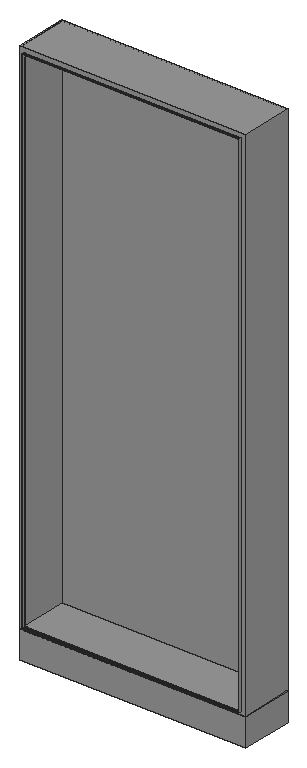
Revit family "Hager-Univers-IP30-D205-H1950-Cl.II-Encl-NoHosted-PL-en", category Equipement électrique, Revit 2020
Family settings
  Configuration du panneau = Deux colonnes, circuits au sein
  Cote de connecteur circulaire = Utiliser le diamètre
  Type d'élément = Tableau de raccordement
  Basée sur le plan de construction = Oui
  Toujours verticalement = Oui
  Couper avec des vides une fois chargée = Non
  Partagée = Non
  Point de calcul de pièce = Non
Parameters (values of type "Floor installation IP30 W800 H1950 D205  - FP23S1N")
  Width Control [instance] = if([EF000008 - Width] > Min Width, [EF000008 - Width], Min Width)  # 800 mm
  Commentaires du type = [HG000003 - Range]  # "Univers"
  Thickness Door [instance] = if([EF009171 - Material plate thickness door/cover] > 3 mm, 3 mm, [EF009171 - Material plate thickness door/cover])  # 1 mm
  Seal Frame Offset [instance] = 17 mm  # constant formula
  Plinth Visibility [instance] = [HG000027 - Plinth height] > 0 mm  # yes
  Min Width [instance] = 100 mm  # constant formula
  Min Depth [instance] = (2 * [EF009170 - Material plate thickness cabinet]) + 1 mm  # 3 mm
  Min Height [instance] = 100 mm  # constant formula
  Internal Frame Depth [instance] = (Door System Depth * 0.5)  # 9 mm
  Panel Name [instance] = ""  # (empty or 0)
  Model = ""
  HG000027 - Plinth height = 100 mm
  HG000026 - Floor standing = yes
  HG000024 - Bottom section height = 600 mm
  HG000023 - Double section enclosure = no
  HG000016 - Door 3d visibility [instance] = yes
  HG000015 - Clearance visibility [instance] = no
  HG000014 - Door on the right [instance] = yes
  HG000013 - Door on the left [instance] = not([HG000014 - Door on the right])  # no
  HG000012 - Door swing angle [instance] = 30.00°
  HG000010 - Asymmetric doors = no
  HG000009 - Double swing door = no
  HG000006 - Flush mounted = no
  HG000004 - Manufacturer reference = "FP23S1N"
  HG000003 - Range = "Univers"
  HG000002 - With door or cover = no
  Frame Offset Bottom [instance] = 10 mm  # constant formula
  Frame Offset [instance] = 15 mm  # constant formula
  EF015940 - Cover with overpressure release = no
  EF011959 - Degree of protection (NEMA) = ""
  EF009554 - Number of openings for flange plates = 6
  EF009212 - Cover model = "EV009916 - With notch"
  EF009171 - Material plate thickness door/cover = 1 mm
  EF009170 - Material plate thickness cabinet = 1 mm
  EF008873 - Nominal current (In) = 400 A
  EF007800 - Suitable for lightning protection = no
  EF006306 - With lock = no
  EF006244 - Transparent cover/door = no
  EF005474 - Degree of protection (IP) = "EV006410 - IP30"
  EF004464 - Type of door = "EV000494 - None"
  EF004427 - Number of modules = 432
  EF004293 - Impact strength = "EV006813 - IK07"
  EF003532 - Suitable for outdoor use = no
  EF002950 - Width in number of modular spacings = 36
  EF001613 - Circuit integrity = "EV000494 - None"
  EF001596 - Material housing = "EV000179 - Steel"
  EF001131 - Internal depth = 130 mm
  EF001088 - Extension possible = yes
  EF000437 - Number of conduit inlets = 6
  EF000339 - Type of cover = "EV000494 - None"
  EF000266 - Number of rows = 12
  EF000218 - Built-in depth = 0 mm
  EF000118 - With mounting plate = no
  EF000116 - RAL-number = "9010"
  EF000049 - Depth = 205 mm
  EF000040 - Height = 1950 mm
  EF000008 - Width = 800 mm
  EF000007 - Colour = "EV000202 - White"
  EF000003 - Mounting method = "EV012274 - Floor installation"
  Door System Leaf Tolerance [instance] = 1.5 mm  # constant formula
  Door System Depth [instance] = 18 mm  # constant formula
  Door Height [instance] = Height Control - [HG000027 - Plinth height]  # 1850 mm
  Description = ""
  Default Elevation = 1219.2 mm
  Connector Offset [instance] = Height Control / 2  # 975 mm
  Fabricant = "Hager"  # constant formula
  Height Control [instance] = if([EF000040 - Height] > Min Height, [EF000040 - Height], Min Height)  # 1950 mm
  Depth Control [instance] = if([EF000049 - Depth] > Min Depth, [EF000049 - Depth], Min Depth)  # 205 mm
  Bottom Top Plate Trim [instance] = 1.5 mm  # constant formula
  Plinth height Ctrl [instance] = if([HG000027 - Plinth height] > 0 mm, [HG000027 - Plinth height], 12 mm)  # 100 mm
Types (4, lengths in mm): name | Width Control | HG000004 - Manufacturer reference | EF009554 - Number of openings for flange plates | EF008873 - Nominal current (In) | EF004427 - Number of modules | EF002950 - Width in number of modular spacings | EF000437 - Number of conduit inlets | EF000008 - Width
  Floor installation IP30 W1050 H1950 D205  - FP24S1N | 1050 | "FP24S1N" | 8 | 400 A | 576 | 48 | 8 | 1050
  Floor installation IP30 W300 H1950 D205  - FP21S1N | 300 | "FP21S1N" | 2 | 250 A | 144 | 12 | 2 | 300
  Floor installation IP30 W550 H1950 D205  - FP22S1N | 550 | "FP22S1N" | 4 | 400 A | 288 | 24 | 4 | 550
  Floor installation IP30 W800 H1950 D205  - FP23S1N | 800 | "FP23S1N" | 6 | 400 A | 432 | 36 | 6 | 800
Reference planes
  plane 1 "Center (Front/Back)": y = 0
  plane 2: z = 0
  plane 3 "Center (Left/Right)": x = 0
  plane 4: y = 0
  plane 5: y = 0
  plane 6: z = 0
  plane 7: x = -400
  plane 8: x = 400
  plane 9: x = 399
  plane 10: x = -399
  plane 11: z = 100
  plane 12: z = 101
  plane 13: y = -205
  plane 14: y = -1
  plane 15: x = 0
  plane 16: y = -187
  plane 17: y = -204
  plane 18: y = -186
  plane 19: x = -384
  plane 20: x = 384
  plane 21: z = 111
  plane 22: x = -383
  plane 23: x = 383
  plane 24: z = 100
  plane 25: z = 1950
  plane 26: z = 1950
  plane 27: z = 1934
  plane 28: z = 1949
Forms (mm)
  Extrusion 1, solid, material "Hager_Steel_RAL7035_Light_Grey", detail levels medium+fine
    sketch origin (-208.679, -4572, 100) x (-1, 0, 0) y (0, -1, 0)
      loop
        line (191.321, -4385) -> (-608.679, -4385) -> (-608.679, -4572) -> (191.321, -4572) -> (191.321, -4385)
    from 0 to 1850
  Extrusion 2, void
    sketch origin (-350.771, -205, 1219.2) x (1, 0, 0) y (0, 0, 1)
      loop
        line (-48.229, 729.8) -> (-48.229, -1118.2) -> (749.771, -1118.2) -> (749.771, 729.8) -> (-48.229, 729.8)
    from -19 to -204
  Extrusion 3, void
    sketch origin (-290.084, -187, 1219.2) x (1, 0, 0) y (0, 0, 1)
      loop
        line (-93.916, -1108.2) -> (674.084, -1108.2) -> (674.084, 714.8) -> (-93.916, 714.8) -> (-93.916, -1108.2)
    from 0 to -1
  Extrusion 4, solid, material "Hager_Steel_RAL7035_Light_Grey", visible <- "Plinth Visibility", detail levels medium+fine
    sketch origin (0, 0, 0) x (1, 0, 0) y (0, 1, 0)
      loop
        line (-400, 0) -> (-400, -187) -> (400, -187) -> (400, 0) -> (-400, 0)
    from 0 to 100 <- "Plinth height Ctrl"
  Extrusion 5, solid, material "Hager_Steel_RAL7035_Light_Grey", detail levels coarse
    sketch origin (0, 0, 0) x (1, 0, 0) y (0, 1, 0)
      loop
        line (-400, 0) -> (-400, -205) -> (400, -205) -> (400, 0) -> (-400, 0)
    from 0 to 1950 <- "Height Control"
  Sweep 6, void
    path in 3D
      loop
        line (-400, -187, 100) -> (400, -187, 100) -> (400, 0, 100) -> (-400, 0, 100) -> (-400, -187, 100)
    profile origin (-400, -93.5, 100) x (1, 0, 0) y (0, 0, 1)
      loop
        line (0, 0) -> (0, -1.5) -> (1.5, -1.5)
        arc (1.5, -1.5) -> (1.061, -0.439) -> (0, 0) r 1.5
  Extrusion 7, solid, material "Hager_Steel_RAL7035_Light_Grey", detail levels fine
    sketch origin (-400, -187, 100) x (1, 0, 0) y (0, 0, 1)
      loop
        line (16, 11) -> (784, 11) -> (784, 1834) -> (16, 1834) -> (16, 11)
      loop
        line (15, 10) -> (785, 10) -> (785, 1835) -> (15, 1835) -> (15, 10)
    from 0 to 9 <- "Internal Frame Depth"
Cuts and joins
  Extrusion 2, Extrusion 3 cuts Extrusion 1
  Sweep 6 cuts Extrusion 4
Lines and regions (mm)
  Masking region 1
    outline origin (0, 0, 0) x (1, 0, 0) y (0, 1, 0)
      loop
        line (-400, 0) -> (-400, -205) -> (400, -205) -> (400, 0) -> (-400, 0)
  Masking region 2, detail levels coarse
    outline origin (-290.084, -187, 1219.2) x (-1, 0, 0) y (0, 0, 1)
      loop
        line (-690.084, -1219.2) -> (109.916, -1219.2) -> (109.916, 730.8) -> (-690.084, 730.8) -> (-690.084, -1219.2)
  Masking region 3, detail levels coarse
    outline origin (0, 0, 0) x (0, 1, 0) y (0, 0, 1)
      loop
        line (0, 0) -> (0, 1950) -> (-205, 1950) -> (-205, 0) -> (0, 0)
  Masking region 4, visible <- "Plinth Visibility", detail levels medium+fine
    outline origin (0, 0, 0) x (0, 1, 0) y (0, 0, 1)
      loop
        line (-1.5, 100) -> (-185.5, 100)
        arc (-185.5, 100) -> (-185.939, 98.939) -> (-187, 98.5) r 1.5
        line (-187, 98.5) -> (-187, 0) -> (0, 0) -> (0, 98.5)
        arc (0, 98.5) -> (-1.061, 98.939) -> (-1.5, 100) r 1.5
  Masking region 5, detail levels medium+fine
    outline origin (0, 0, 594.038) x (0, 1, 0) y (0, 0, 1)
      loop
        line (0, -494.038) -> (0, 1355.962) -> (-187, 1355.962) -> (-187, -494.038) -> (0, -494.038)
  Masking region 6, detail levels medium+fine
    outline origin (-359.7, -187, 1211.883) x (-1, 0, 0) y (0, 0, 1)
      loop
        line (-759.7, -1111.883) -> (40.3, -1111.883) -> (40.3, 738.117) -> (-759.7, 738.117) -> (-759.7, -1111.883)
  Masking region 7, visible <- "Plinth Visibility", detail levels medium+fine
    outline origin (-320.334, -187, 1041.368) x (-1, 0, 0) y (0, 0, 1)
      loop
        line (-720.334, -1041.368) -> (79.666, -1041.368) -> (79.666, -942.868)
        arc (79.666, -942.868) -> (78.606, -942.429) -> (78.166, -941.368) r 1.5
        line (78.166, -941.368) -> (-718.834, -941.368)
        arc (-718.834, -941.368) -> (-719.273, -942.429) -> (-720.334, -942.868) r 1.5
        line (-720.334, -942.868) -> (-720.334, -1041.368)
  sketch lines
    curve 1: line (-400, 0, 100) -> (-400, -187, 100)
    curve 2: line (-400, -187, 100) -> (400, -187, 100)
    curve 3: line (400, 0, 100) -> (-400, 0, 100)
    curve 4: line (400, -187, 100) -> (400, 0, 100)
Dimensions and locks
  locked: plane 1 "Center (Front/Back)" to plane 5
  "EF009170 - Material plate thickness cabinet": plane 7 to plane 10
  "EF009170 - Material plate thickness cabinet": plane 8 to plane 9
  equal spacing: plane 7, plane 3 "Center (Left/Right)", plane 8
  "Width Control": plane 7 to plane 8
  "Depth Control": plane 4 to plane 13
  "EF009170 - Material plate thickness cabinet": plane 4 to plane 14
  "Height Control": plane 25 to level
  "HG000027 - Plinth height": plane 11 to level
  "EF009170 - Material plate thickness cabinet": plane 12 to plane 11
  "EF009170 - Material plate thickness cabinet": plane 17 to plane 13
  "EF009170 - Material plate thickness cabinet": plane 18 to plane 16
  "Frame Offset Bottom": plane 21 to plane 12
  "Frame Offset": plane 10 to plane 19
  "Frame Offset": plane 9 to plane 20
  "Door System Depth": plane 16 to plane 13
  "Seal Frame Offset": plane 7 to plane 22
  "Seal Frame Offset": plane 8 to plane 23
  "EF009170 - Material plate thickness cabinet": plane 26 to plane 28
  "Frame Offset": plane 28 to plane 27
  "Connector Offset": plane 2 to connector elem
  "Bottom Top Plate Trim": profile plane to Sweep 6 sketch curve
  "Bottom Top Plate Trim": Sweep 6 sketch curve to Sweep 6 sketch curve
  "Plinth height Ctrl": Masking region 4 sketch curve to level
  "Plinth height Ctrl": Masking region 7 sketch curve to level
  "Thickness Door": Extrusion 7 sketch curve to Extrusion 7 sketch curve  (x4)
  "Bottom Top Plate Trim": radius of Sweep 6 sketch curve
  "Bottom Top Plate Trim": radius of Masking region 4 sketch curve  (x2)
  "Bottom Top Plate Trim": radius of Masking region 7 sketch curve  (x2)
  aligned and locked: Extrusion 2 sketch curve to plane 12
  aligned and locked: Extrusion 2 sketch curve to plane 9
  aligned and locked: Extrusion 2 sketch curve to plane 10
  aligned and locked: Extrusion 2 to plane 14
  aligned and locked: Extrusion 1 sketch curve to plane 4
  aligned and locked: plane 8 to Extrusion 1 sketch curve
  aligned and locked: plane 7 to Extrusion 1 sketch curve
  aligned and locked: Extrusion 2 to plane 18
  aligned and locked: Extrusion 3 sketch curve to plane 19
  aligned and locked: plane 20 to Extrusion 3 sketch curve
  aligned and locked: Extrusion 3 to Extrusion 2
  aligned and locked: Extrusion 3 sketch curve to plane 21
  aligned and locked: plane 3 "Center (Left/Right)" to nested 1
  aligned and locked: Extrusion 1 sketch curve to plane 16
  aligned and locked: Extrusion 4 sketch curve to cut or joined group of Extrusion 1, Extrusion 2, Extrusion 3
  aligned and locked: Masking region 1 sketch curve to plane 7
  aligned and locked: Masking region 1 sketch curve to plane 5
  aligned and locked: Masking region 1 sketch curve to plane 8
  aligned and locked: Masking region 2 sketch curve to level
  aligned and locked: level to Masking region 3 sketch curve
  aligned and locked: plane 1 "Center (Front/Back)" to Masking region 3 sketch curve
  aligned and locked: plane 13 to Masking region 3 sketch curve
  aligned and locked: plane 5 to Masking region 4 sketch curve
  aligned and locked: Masking region 2 sketch curve to plane 8
  aligned and locked: Masking region 2 sketch curve to plane 7
  aligned and locked: plane 7 to nested 2
  aligned and locked: nested 2 to plane 5
  aligned and locked: plane 5 to Masking region 5 sketch curve
  aligned and locked: plane 26 to Masking region 5 sketch curve
  aligned and locked: Extrusion 5 sketch curve to plane 8
  aligned and locked: Extrusion 5 sketch curve to plane 7
  aligned and locked: Extrusion 5 sketch curve to plane 5
  aligned and locked: Extrusion 3 sketch curve to plane 27
  aligned and locked: Extrusion 2 sketch curve to plane 28
  aligned and locked: Masking region 2 to plane 25
  aligned and locked: Extrusion 4 to plane 16
  aligned and locked: profile plane to Sweep 6 sketch curve
  aligned and locked: Masking region 5 sketch curve to plane 24
  aligned and locked: level to Masking region 4 sketch curve
  aligned and locked: Masking region 1 to plane 13
  aligned and locked: nested 1 to plane 16
  aligned and locked: Masking region 3 to plane 25
  aligned and locked: plane 16 to Masking region 4 sketch curve
  aligned and locked: Masking region 5 sketch curve to plane 16
  aligned and locked: plane 24 to plane 11
  aligned and locked: plane 26 to plane 25
  aligned and locked: plane 26 to cut or joined group of Extrusion 1, Extrusion 2, Extrusion 3
  aligned and locked: nested 1 to plane 24
  aligned and locked: Extrusion 1 to Extrusion 3
  aligned and locked: Masking region 6 sketch curve to plane 8
  aligned and locked: Masking region 6 sketch curve to plane 24
  aligned and locked: Masking region 6 sketch curve to plane 7
  aligned and locked: Masking region 6 sketch curve to plane 26
  aligned and locked: Masking region 7 sketch curve to plane 7
  aligned and locked: level to Masking region 7 sketch curve
  aligned and locked: Masking region 7 sketch curve to plane 8
  aligned and locked: Extrusion 7 sketch curve to cut or joined group of Extrusion 1, Extrusion 2, Extrusion 3  (x4)
Automatic sketch dimensions
  plane 19 to Extrusion 3 sketch curve = 0 mm
  Extrusion 3 sketch curve to plane 20 = 0 mm
  Extrusion 3 sketch curve to plane 21 = 0 mm
  Extrusion 4 sketch curve to plane 7 = 0 mm
  Extrusion 4 sketch curve to plane 8 = 0 mm
  Extrusion 4 sketch curve to plane 16 = 0 mm
  Masking region 1 sketch curve to plane 13 = 0 mm
  Masking region 2 sketch curve to plane 25 = 0 mm
  Masking region 3 sketch curve to plane 25 = 0 mm
  Extrusion 5 sketch curve to plane 13 = 0 mm
  profile plane to Sweep 6 sketch curve = 0 mm
Nested families
  nested 1: "EC000058_Univers_Door" at (0, -187, 100), Double <- "HG000009 - Double swing door", Transparent <- "EF006244 - Transparent cover/door", Angle <- "HG000012 - Door swing angle", Door_Right <- "HG000014 - Door on the right", Assymetrical <- "HG000010 - Asymmetric doors", Door <- "HG000002 - With door or cover", Width_Ctrl <- "Width Control", 3d_Door <- "HG000016 - Door 3d visibility", Clearance <- "HG000015 - Clearance visibility", Door_Left <- "HG000013 - Door on the left", Width <- "Width Control", Door_Depth <- "Door System Depth", Leaf_Tolerance <- "Door System Leaf Tolerance", Height <- "Door Height", Lock_Visibility <- "EF006306 - With lock", Thickness <- "Thickness Door", type "EC000058_Univers_Door", detail levels medium+fine
    with min_wh 3 mm, Width_Ctrl 800 mm, Width 800 mm, Transparent no, Thickness 1 mm, Seal_Material Hager_Rubber, Lock_Visibility no, Lock_Material Hager_Plastic_RAL9005_Jet_Black, Leaf_Width 800 mm, Leaf_Tolerance_External_Sides 0 mm, Leaf_Tolerance 1.5 mm, Leaf_Offset 0 mm, Leaf_Height 1847 mm, Leaf_2_Width 800 mm, Leaf_2_Offset 400 mm, Leaf_1_Width 800 mm, Leaf_1_Offset 400 mm, Height_Ctrl 1850 mm, Height 1850 mm, Glass_Material Hager_Glass, Double_Clearance_Ctrl no, Double no, Door_Right_Ctrl no, Door_Right yes, Door_Material Hager_Steel_RAL7035_Light_Grey, Door_Left_Ctrl no, Door_Left no, Door_Depth 18 mm, Door no, Clearance_Material Hager_Clearance, Clearance_Depth 800 mm, Clearance_Ctrl no, Clearance no, Assymetrical no, Angle 30.00°, 3d_Door yes
  nested 2: "Hager_Enclosure_Symbol" at (-400, 0, 0), Height <- "Depth Control", Width <- "Width Control", type "Hager_Enclosure_Symbol"
    with Width_Ctrl 800 mm, Width 800 mm, Height_Ctrl 205 mm, Height 205 mm, A_Width_Int 13.453 mm, A_Width 161.438 mm, A_Height_Ctrl 179.375 mm, A_Height 179.375 mm
Connectors
  electrical at (0, 0, 975)
    settings: on plane 1 "Center (Front/Back)", index 1, voltage 0 V, apparent load 0 VA, apparent load phase1 0 VA, apparent load phase2 0 VA, apparent load phase3 0 VA, power factor 1, load classification "Other", number of poles 1, system type 30, power factor state 1, is connector primary yes, connector utility no, sub classification motor no, connector description ""
Definition of nested family "EC000058_Univers_Door"
  Parameters (values of type "EC000058_Univers_Door")
    min_wh [instance] = (2 * Thickness) + 1 mm  # 11 mm
    Width_Ctrl [instance] = 400 mm
    Width [instance] = 500 mm
    Transparent [instance] = yes
    Thickness [instance] = 5 mm
    Seal_Material [instance] = none
    Lock_Visibility [instance] = yes
    Lock_Material [instance] = none
    Leaf_Width [instance] = if((Width_Ctrl - 2 * Leaf_Tolerance_External_Sides) > 0 mm, (Width_Ctrl - 2 * Leaf_Tolerance_External_Sides), min_wh)  # 400 mm
    Leaf_Tolerance_External_Sides [instance] = 0 mm  # constant formula
    Leaf_Tolerance [instance] = 1.5 mm
    Leaf_Offset [instance] = 0 mm  # constant formula
    Leaf_Height [instance] = if((Height_Ctrl - 2 * Leaf_Tolerance) > 0 mm, (Height_Ctrl - 2 * Leaf_Tolerance), min_wh)  # 497 mm
    Leaf_2_Width [instance] = if(and(and(Double, Assymetrical), Door_Left), (Leaf_Width / 3) - (Leaf_Tolerance / 2), if(and(and(Double, Assymetrical), Door_Right), (Leaf_Width / 3) * 2 - (Leaf_Tolerance / 2), if(and(Double, not(Assymetrical)), (Leaf_Width / 2) - Leaf_Tolerance, Leaf_Width)))  # 400 mm
    Leaf_2_Offset [instance] = if(and(Double, Assymetrical), Leaf_2_Width / 2, if(and(Double, not(Assymetrical)), Leaf_Width / 4, Leaf_Width / 2))  # 200 mm
    Leaf_1_Width [instance] = if(and(and(Double, Assymetrical), Door_Right), (Leaf_Width / 3) - (Leaf_Tolerance / 2), if(and(and(Double, Assymetrical), Door_Left), (Width / 3) * 2 - (Leaf_Tolerance / 2), if(and(Double, not(Assymetrical)), (Leaf_Width / 2) - Leaf_Tolerance, Leaf_Width)))  # 400 mm
    Leaf_1_Offset [instance] = if(and(Double, Assymetrical), Leaf_1_Width / 2, if(and(Double, not(Assymetrical)), Leaf_Width / 4, Leaf_Width / 2))  # 200 mm
    Height_Ctrl [instance] = if(Height > min_wh, Height, min_wh)  # 500 mm
    Height [instance] = 500 mm
    Glass_Material [instance] = none
    Double_Clearance_Ctrl [instance] = and(Double, Clearance)  # no
    Double [instance] = no
    Door_Right_Ctrl [instance] = and(or(Door_Right, Double), Door)  # yes
    Door_Right [instance] = yes
    Door_Material [instance] = none
    Door_Left_Ctrl [instance] = and(or(Door_Left, Double), Door)  # no
    Door_Left [instance] = no
    Door_Depth [instance] = 30 mm
    Door [instance] = yes
    Default Elevation = 1219.2 mm
    Clearance_Material [instance] = none
    Clearance_Depth [instance] = if(Leaf_1_Width > Leaf_2_Width, Leaf_1_Width, Leaf_2_Width)  # 400 mm
    Clearance_Ctrl [instance] = and(not(Double), Clearance)  # yes
    Clearance [instance] = yes
    Assymetrical [instance] = yes
    Angle [instance] = 30.00°
    3d_Door [instance] = yes
  Reference planes
    plane 1 "Center (Front/Back)": y = 0
    plane 2 "Bottom": z = 0
    plane 3 "Center (Left/Right)": x = 0
    plane 4: z = 500
    plane 5: x = -200
    plane 6: x = 200
    plane 7: z = 500
    plane 8: x = -200
    plane 9: z = 0
    plane 10: x = 200
    plane 11: y = 0
    plane 12: z = 1.5
    plane 13: x = -600
    plane 14: y = -400
    plane 15: x = 600
    plane 16: x = 0
    plane 17: x = 0
    plane 18: x = -200
    plane 19: x = 200
    plane 20: z = 498.5
  Forms (mm)
    Extrusion 1, solid, material <- "Clearance_Material", visible <- "Double_Clearance_Ctrl"
      sketch origin (1200, 0, 0) x (1, 0, 0) y (0, 0, -1)
        loop
          line (-1800, -498.5) -> (-600, -498.5) -> (-600, 0) -> (-1800, 0) -> (-1800, -498.5)
      from 0 to -400
  Dimensions and locks
    equal spacing: plane 5, plane 3 "Center (Left/Right)", plane 6
    "Width_Ctrl": plane 5 to plane 6
    "Leaf_Offset": plane 5 to plane 8
    "Leaf_Offset": plane 6 to plane 10
    "Leaf_Offset": plane 9 to level
    "Leaf_Offset": plane 4 to plane 7
    "Height_Ctrl": plane 4 to level
    "Leaf_Tolerance": plane 12 to plane 9
    locked: plane 11 to plane 1 "Center (Front/Back)"
    "Leaf_1_Offset": plane 18 to plane 16
    "Leaf_2_Offset": plane 17 to plane 19
    "Leaf_1_Width": plane 13 to plane 8
    "Leaf_2_Width": plane 10 to plane 15
    "Clearance_Depth": plane 14 to plane 1 "Center (Front/Back)"
    "Leaf_Tolerance_External_Sides": plane 8 to plane 18
    "Leaf_Tolerance_External_Sides": plane 19 to plane 10
    "Leaf_Tolerance": plane 7 to plane 20
    aligned and locked: level to plane 2 "Bottom"
    aligned and locked: nested 1 to plane 16
    aligned and locked: nested 2 to plane 17
    aligned and locked: Extrusion 1 to plane 13
    aligned and locked: plane 15 to Extrusion 1
    aligned and locked: Extrusion 1 to plane 14
    aligned and locked: plane 12 to nested 1
    aligned and locked: nested 2 to plane 12
    aligned and locked: Extrusion 1 to plane 11
    aligned and locked: plane 20 to Extrusion 1
    aligned and locked: nested 2 to plane 11
    aligned and locked: nested 1 to plane 11
  Automatic sketch dimensions
    Extrusion 1 sketch curve to level = 0 mm
    plane 5 to Extrusion 1 sketch curve = 400 mm
    plane 6 to Extrusion 1 sketch curve = 400 mm
    Extrusion 1 sketch curve to plane 4 = 1.5 mm
  Nested families
    nested 1: "EC000058_Univers_Door_Leaf" at (0, 0, 1.5), Width <- "Leaf_1_Width", visible <- "Door_Left_Ctrl", Leaf_Height <- "Leaf_Height", Angle <- "Angle", 3d_Door <- "3d_Door", Transparent <- "Transparent", Clearance Material <- "Clearance_Material", Clearance <- "Clearance_Ctrl", Door_Material <- "Door_Material", Glass_Material <- "Glass_Material", Door_Depth <- "Door_Depth", Lock_Material <- "Lock_Material", Seal_Material <- "Seal_Material", Lock_Visibility <- "Lock_Visibility", Thickness <- "Thickness", type "EC000058_Univers_Door_Leaf"
      with Width 400 mm, Transparent_Glass_Offset 30 mm, Transparent_Ctrl yes, Transparent yes, Thickness 5 mm, Standard no, Seal_Material none, Seal_D2 8 mm, Seal_D1 1 mm, Offset_Internal_Frame 10 mm, Lock_Width 20 mm, Lock_Visibility_3d yes, Lock_Visibility yes, Lock_Thickness_3 3 mm, Lock_Thickness_2 1 mm, Lock_Thickness_1 3 mm, Lock_Radius_Offset_2 16 mm, Lock_Radius_Offset_1 15 mm, Lock_Radius_2 5 mm, Lock_Radius 6 mm, Lock_Offset 5 mm, Lock_Material none, Lock_Height 80 mm, Lock_Cover_Top_Offset_2d 17 mm, Lock_Cover_Height -65 mm, Leaf_Height 497 mm, Internal_Seal_Thickness 8 mm, Internal_Seal_Depth_2 4.5 mm, Internal_Frame_Depth 25 mm, Glass_Thickness -1 mm, Glass_Offset -2 mm, Glass_Material none, Door_Material none, Door_Depth 30 mm, Clearance Material none, Clearance yes, Angle_Ctrl 30.00°, Angle 30.00°, 3d_Door yes
    nested 2: "EC000058_Univers_Door_Leaf" at (0, 0, 1.5) x (-1, 0, 0) z (0, 0, 1), Width <- "Leaf_2_Width", visible <- "Door_Right_Ctrl", Leaf_Height <- "Leaf_Height", Angle <- "Angle", 3d_Door <- "3d_Door", Transparent <- "Transparent", Clearance Material <- "Clearance_Material", Clearance <- "Clearance_Ctrl", Door_Material <- "Door_Material", Glass_Material <- "Glass_Material", Door_Depth <- "Door_Depth", Lock_Material <- "Lock_Material", Seal_Material <- "Seal_Material", Lock_Visibility <- "Lock_Visibility", Thickness <- "Thickness", type "EC000058_Univers_Door_Leaf"
      with Width 400 mm, Transparent_Glass_Offset 30 mm, Transparent_Ctrl yes, Transparent yes, Thickness 5 mm, Standard no, Seal_Material none, Seal_D2 8 mm, Seal_D1 1 mm, Offset_Internal_Frame 10 mm, Lock_Width 20 mm, Lock_Visibility_3d yes, Lock_Visibility yes, Lock_Thickness_3 3 mm, Lock_Thickness_2 1 mm, Lock_Thickness_1 3 mm, Lock_Radius_Offset_2 16 mm, Lock_Radius_Offset_1 15 mm, Lock_Radius_2 5 mm, Lock_Radius 6 mm, Lock_Offset 5 mm, Lock_Material none, Lock_Height 80 mm, Lock_Cover_Top_Offset_2d 17 mm, Lock_Cover_Height -65 mm, Leaf_Height 497 mm, Internal_Seal_Thickness 8 mm, Internal_Seal_Depth_2 4.5 mm, Internal_Frame_Depth 25 mm, Glass_Thickness -1 mm, Glass_Offset -2 mm, Glass_Material none, Door_Material none, Door_Depth 30 mm, Clearance Material none, Clearance yes, Angle_Ctrl 30.00°, Angle 30.00°, 3d_Door yes
  Definition of nested family "EC000058_Univers_Door_Leaf"
    Parameters (values of type "EC000058_Univers_Door_Leaf")
      Width [instance] = 2000 mm
      Transparent_Glass_Offset [instance] = 30 mm
      Transparent_Ctrl [instance] = and(Transparent, [3d_Door])  # yes
      Transparent [instance] = yes
      Thickness [instance] = 5 mm
      Standard [instance] = and(not(Transparent), [3d_Door])  # no
      Seal_Material [instance] = none
      Seal_D2 [instance] = 8 mm  # constant formula
      Seal_D1 [instance] = 1 mm  # constant formula
      Offset_Internal_Frame [instance] = 10 mm  # constant formula
      Lock_Width [instance] = 20 mm  # constant formula
      Lock_Visibility_3d [instance] = and(Lock_Visibility, [3d_Door])  # yes
      Lock_Visibility [instance] = yes
      Lock_Thickness_3 [instance] = 3 mm  # constant formula
      Lock_Thickness_2 [instance] = 1 mm  # constant formula
      Lock_Thickness_1 [instance] = 3 mm  # constant formula
      Lock_Radius_Offset_2 [instance] = Lock_Radius_Offset_1 + 1 mm  # 16 mm
      Lock_Radius_Offset_1 [instance] = 15 mm  # constant formula
      Lock_Radius_2 [instance] = Lock_Radius - 1 mm  # 5 mm
      Lock_Radius [instance] = 6 mm  # constant formula
      Lock_Offset [instance] = 5 mm  # constant formula
      Lock_Material [instance] = none
      Lock_Height [instance] = 80 mm  # constant formula
      Lock_Cover_Top_Offset_2d [instance] = Lock_Radius_Offset_2 + 1 mm  # 17 mm
      Lock_Cover_Height [instance] = -(Lock_Height - Lock_Radius_Offset_1)  # -65 mm
      Leaf_Height [instance] = 2720.336 mm
      Internal_Seal_Thickness [instance] = 8 mm  # constant formula
      Internal_Seal_Depth_2 [instance] = 4.5 mm  # constant formula
      Internal_Frame_Depth [instance] = if(Door_Depth - Thickness > 5 mm, Door_Depth - Thickness, 5 mm)  # 25 mm
      Glass_Thickness [instance] = if(Thickness > 15 mm, Glass_Offset + 10 mm, -1 mm)  # -1 mm
      Glass_Offset [instance] = if(Thickness > 15 mm, -(Thickness + 10 mm) / 2, -2 mm)  # -2 mm
      Glass_Material [instance] = none
      Door_Material [instance] = none
      Door_Depth [instance] = 30 mm
      Default Elevation = 0 mm
      Clearance Material [instance] = none
      Clearance [instance] = yes
      Angle_Ctrl [instance] = if(Angle > 180.00°, 180.00°, Angle)  # 90.00°
      Angle [instance] = 90.00°
      3d_Door [instance] = yes
    Reference planes
      plane 1 "Center (Front/Back)": y = 0
      plane 2: z = 0
      plane 3 "Center (Left/Right)": x = 0
      plane 4: y = 2000
      plane 5: x = -1000
      plane 6: x = 1000
      plane 7: x = -3000
      plane 8: z = 2720.336
      plane 9: z = 30
      plane 10: z = 2690.336
      plane 11: x = 970
      plane 12: x = -970
      plane 13: y = -3
      plane 14: z = 107.833
      plane 15: y = -5
      plane 16: y = -223.314
      plane 17: x = -1000
      plane 18: z = 1360.168
      plane 19: y = 30
    Forms (mm)
      Extrusion 1, solid, material <- "Clearance Material", visible <- "Clearance"
        sketch origin (0, 0, 0) x (1, 0, 0) y (0, 0, 1)
          loop
            line (-3000, 2720.336) -> (-3000, 0) -> (1000, 0) -> (1000, 2720.336) -> (-3000, 2720.336)
        from 0 to -2000
      Extrusion 2, solid, material <- "Door_Material", visible <- "Standard", detail levels medium+fine
        sketch origin (-1000, 0, 0) x (0, 1, 0) y (-1, 0, 0)
          loop
            line (0, 30) -> (0, 25) -> (2000, 25) -> (2000, 30) -> (0, 30)
        from 0 to 2720.336 <- "Leaf_Height"
      Extrusion 3, solid, material <- "Door_Material", visible <- "Transparent_Ctrl", detail levels medium+fine
        sketch origin (-1000, 0, 0) x (0, 1, 0) y (-1, 0, 0)
          loop
            line (0, 25) -> (2000, 25) -> (2000, 30) -> (0, 30) -> (0, 25)
        from 0 to 2720.336 <- "Leaf_Height"
      Extrusion 4, void
        sketch origin (-1025, 2000, 0) x (0, 1, 0) y (0, 0, -1)
          loop
            line (-30, -2690.336) -> (-30, -30) -> (-1970, -30) -> (-1970, -2690.336) -> (-30, -2690.336)
        from 0 to 5 <- "Thickness"
      Sweep 5, solid, material <- "Seal_Material", visible <- "Transparent_Ctrl", detail levels fine
        path in 3D
          loop
            line (-1025, 30, 30) -> (-1025, 30, 2690.336) -> (-1025, 1970, 2690.336) -> (-1025, 1970, 30) -> (-1025, 30, 30)
        profile origin (-1025, 1000, 30) x (1, 0, 0) y (0, 0, 1)
          loop
            line (0, 0) -> (0, -8) -> (1, -8) -> (1, 0) -> (0, 0)
      Extrusion 6, solid, material <- "Glass_Material", visible <- "Transparent_Ctrl", detail levels medium+fine
        sketch origin (-1030, 0, 0) x (0, 1, 0) y (0, 0, -1)
          loop
            line (1970, -2690.336) -> (1970, -30) -> (30, -30) -> (30, -2690.336) -> (1970, -2690.336)
        from -2 <- "Glass_Offset" to -1 <- "Glass_Thickness"
      Extrusion 7, solid, material <- "Door_Material", visible <- "3d_Door", detail levels medium+fine
        sketch origin (-1025, 2000, 0) x (0, -1, 0) y (0, 0, -1)
          loop
            line (0, -2720.336) -> (2000, -2720.336) -> (2000, 0) -> (0, 0) -> (0, -2720.336)
          loop
            line (1995, -5) -> (5, -5) -> (5, -2715.336) -> (1995, -2715.336) -> (1995, -5)
        from 0 to 25 <- "Internal_Frame_Depth"
      Sweep 8, solid, material <- "Seal_Material", visible <- "Transparent_Ctrl", detail levels fine
        path in 3D
          loop
            line (-1025, 0, 0) -> (-1025, 2000, 0) -> (-1025, 2000, 2720.336) -> (-1025, 0, 2720.336) -> (-1025, 0, 0)
        profile origin (-1025, 0, 1360.168) x (1, 0, 0) y (0, 1, 0)
          loop
            line (0, 10) -> (2.975, 10)
            arc (2.975, 10) -> (4.053, 10.447) -> (4.5, 11.525) r 1.525
            line (4.5, 11.525) -> (4.5, 16.527)
            arc (4.5, 16.527) -> (4.069, 17.569) -> (3.027, 18) r 1.473
            line (3.027, 18) -> (0, 18) -> (0, 10)
      Extrusion 9, solid, material <- "Lock_Material", visible <- "Lock_Visibility_3d", detail levels fine
        sketch origin (-1030, 0, 0) x (0, 1, 0) y (0, 0, -1)
          loop
            arc (1993.5, -1400.168) -> (1994.561, -1399.729) -> (1995, -1398.668) r 1.5
            line (1995, -1398.668) -> (1995, -1320.168) -> (1975, -1320.168) -> (1975, -1398.668)
            arc (1975, -1398.668) -> (1975.439, -1399.729) -> (1976.5, -1400.168) r 1.5
            line (1976.5, -1400.168) -> (1993.5, -1400.168)
        from 3 <- "Lock_Thickness_1" to 0
      Blend 10, solid, material <- "Lock_Material", visible <- "Lock_Visibility_3d", detail levels fine
        base sketch origin (-1033, 0, 0) x (0, 1, 0) y (0, 0, -1)
          loop
            line (1975, -1320.168) -> (1975, -1398.668)
            arc (1975, -1398.668) -> (1975.439, -1399.729) -> (1976.5, -1400.168) r 1.5
            line (1976.5, -1400.168) -> (1993.5, -1400.168)
            arc (1993.5, -1400.168) -> (1994.561, -1399.729) -> (1995, -1398.668) r 1.5
            line (1995, -1398.668) -> (1995, -1320.168) -> (1975, -1320.168)
        top sketch origin (-1033, 0, 0) x (0, 1, 0) y (0, 0, -1)
          loop
            line (1976, -1320.168) -> (1976, -1398.668)
            arc (1976, -1398.668) -> (1976.146, -1399.022) -> (1976.5, -1399.168) r 0.5
            line (1976.5, -1399.168) -> (1993.5, -1399.168)
            arc (1993.5, -1399.168) -> (1993.854, -1399.022) -> (1994, -1398.668) r 0.5
            line (1994, -1398.668) -> (1994, -1320.168) -> (1976, -1320.168)
        from 0 to 1 <- "Lock_Thickness_2"
      Blend 11, solid, material <- "Lock_Material", visible <- "Lock_Visibility_3d", detail levels fine
        base sketch origin (-1034, 0, 0) x (0, 1, 0) y (0, 0, -1)
          loop
            line (1978, -1320.168) -> (1978, -1384.168)
            arc (1978, -1384.168) -> (1985, -1391.168) -> (1992, -1384.168) r 7
            line (1992, -1384.168) -> (1992, -1320.168) -> (1978, -1320.168)
        top sketch origin (-1034, 0, 0) x (0, 1, 0) y (0, 0, -1)
          loop
            line (1991, -1320.168) -> (1979, -1320.168) -> (1979, -1383.168)
            arc (1979, -1383.168) -> (1985, -1389.168) -> (1991, -1383.168) r 6
            line (1991, -1383.168) -> (1991, -1320.168)
        from 0 to 3 <- "Lock_Thickness_3"
      Extrusion 12, solid, material <- "Lock_Material", visible <- "Lock_Visibility_3d", detail levels fine
        sketch origin (-1030, 1975, 1320.168) x (1, 0, 0) y (0, -1, 0)
          loop
            line (-7, -19) -> (-7, -1) -> (0, -1) -> (0, 0) -> (-8, 0) -> (-8, -20) -> (0, -20) -> (0, -19) -> (-7, -19)
        from 0 to -65 <- "Lock_Cover_Height"
      Extrusion 13, void
        sketch origin (-1038, 1995, 1320.168) x (-1, 0, 0) y (0, 0, -1)
          loop
            line (-5, -65) -> (0, -65) -> (-5, -60) -> (-5, -65)
        from 0 to 20 <- "Lock_Width"
      Extrusion 14, void
        sketch origin (-1038, 1975, 1320.168) x (0, -1, 0) y (0, 0, -1)
          loop
            circle (-10, -15.995) r 6
          loop
            circle (-10, -15.995) r 5
        from 0 to 2
      Extrusion 15, solid, material <- "Lock_Material", visible <- "Lock_Visibility_3d", detail levels medium
        sketch origin (-1030, 0, 0) x (0, 1, 0) y (0, 0, -1)
          loop
            arc (1993.5, -1400.168) -> (1994.561, -1399.729) -> (1995, -1398.668) r 1.5
            line (1995, -1398.668) -> (1995, -1320.168) -> (1975, -1320.168) -> (1975, -1398.668)
            arc (1975, -1398.668) -> (1975.439, -1399.729) -> (1976.5, -1400.168) r 1.5
            line (1976.5, -1400.168) -> (1993.5, -1400.168)
        from 8 to 0
    Cuts and joins
      Extrusion 4 cuts Extrusion 3
      Extrusion 13, Extrusion 14 cuts Extrusion 9
      Extrusion 14 cuts Blend 11
      Extrusion 13, Extrusion 14 cuts Extrusion 12
      joined: Extrusion 9, Blend 10, Blend 11, Extrusion 12
      Extrusion 14 cuts Extrusion 15
    Lines and regions (mm)
      Masking region 1, visible <- "Lock_Visibility", detail levels fine
        outline origin (0, 0, 0) x (0, 1, 0) y (0, 0, 1)
          loop
            line (30, 1320.168) -> (33, 1320.168) -> (33, 1400.168) -> (30, 1400.168) -> (30, 1320.168)
      Masking region 2, visible <- "Lock_Visibility", detail levels fine
        outline origin (0, 3.143, 0) x (0, 1, 0) y (0, 0, 1)
          loop
            line (29.857, 1354.168) -> (30.857, 1354.168) -> (30.857, 1366.168) -> (29.857, 1366.168) -> (29.857, 1354.168)
      Masking region 3, detail levels medium+fine
        outline origin (0, 0, 0) x (0, 1, 0) y (0, 0, 1)
          loop
            line (0, 0) -> (30, 0) -> (30, 2720.336) -> (0, 2720.336) -> (0, 0)
      Masking region 4, detail levels medium+fine
        outline origin (0, 0, 0) x (1, 0, 0) y (0, 0, 1)
          loop
            line (-1000, 2720.336) -> (-1000, 0) -> (1000, 0) -> (1000, 2720.336) -> (-1000, 2720.336)
      Masking region 5, visible <- "Lock_Visibility", detail levels fine
        outline origin (-47.116, 0, 0) x (1, 0, 0) y (0, 0, 1)
          loop
            arc (1024.616, 1399.168) -> (1023.556, 1398.729) -> (1023.116, 1397.668) r 1.5
            line (1023.116, 1397.668) -> (1023.116, 1320.168) -> (1041.116, 1320.168) -> (1041.116, 1397.668)
            arc (1041.116, 1397.668) -> (1040.677, 1398.729) -> (1039.616, 1399.168) r 1.5
            line (1039.616, 1399.168) -> (1024.616, 1399.168)
      Masking region 6, visible <- "Lock_Visibility", detail levels medium+fine
        outline origin (-25, 0, 0) x (1, 0, 0) y (0, 0, 1)
          loop
            arc (1001.5, 1400.168) -> (1000.439, 1399.729) -> (1000, 1398.668) r 1.5
            line (1000, 1398.668) -> (1000, 1320.168) -> (1020, 1320.168) -> (1020, 1398.668)
            arc (1020, 1398.668) -> (1019.561, 1399.729) -> (1018.5, 1400.168) r 1.5
            line (1018.5, 1400.168) -> (1001.5, 1400.168)
      Masking region 7, visible <- "Lock_Visibility", detail levels fine
        outline origin (-73.735, 0, 0) x (1, 0, 0) y (0, 0, 1)
          loop
            line (1051.735, 1382.168) -> (1065.735, 1382.168) -> (1065.735, 1384.168)
            arc (1065.735, 1384.168) -> (1058.735, 1391.168) -> (1051.735, 1384.168) r 7
            line (1051.735, 1384.168) -> (1051.735, 1382.168)
      Masking region 8, visible <- "Lock_Visibility", detail levels fine
        outline origin (-73.735, 0, 0) x (1, 0, 0) y (0, 0, 1)
          loop
            line (1052.735, 1382.168) -> (1064.735, 1382.168) -> (1064.735, 1383.168)
            arc (1064.735, 1383.168) -> (1058.735, 1389.168) -> (1052.735, 1383.168) r 6
            line (1052.735, 1383.168) -> (1052.735, 1382.168)
      Masking region 9, visible <- "Lock_Visibility", detail levels fine
        outline origin (-25, 0, 0) x (1, 0, 0) y (0, 0, 1)
          loop
            line (1020, 1320.168) -> (1020, 1382.168) -> (1000, 1382.168) -> (1000, 1320.168) -> (1020, 1320.168)
      Masking region 10, detail levels medium+fine
        outline origin (0, 0, 0) x (1, 0, 0) y (0, 0, 1)
          loop
            circle (985, 1335.144) r 6
      Masking region 11, detail levels fine
        outline origin (0, 0, 0) x (1, 0, 0) y (0, 0, 1)
          loop
            circle (985, 1335.144) r 5
      Masking region 12, visible <- "Lock_Visibility", detail levels fine
        outline origin (0, 12.767, 0) x (0, 1, 0) y (0, 0, 1)
          loop
            line (20.233, 1320.168) -> (21.233, 1320.168) -> (21.233, 1399.168) -> (20.233, 1400.168) -> (20.233, 1320.168)
      Masking region 13, visible <- "Lock_Visibility", detail levels fine
        outline origin (0, 13.767, -10) x (0, 1, 0) y (0, 0, 1)
          loop
            line (20.233, 1330.168) -> (23.233, 1330.168) -> (23.233, 1399.168) -> (20.233, 1402.168) -> (20.233, 1330.168)
      Masking region 14, visible <- "Lock_Visibility", detail levels fine
        outline origin (0, 12.767, -10) x (0, 1, 0) y (0, 0, 1)
          loop
            line (20.233, 1330.168) -> (25.233, 1330.168) -> (25.233, 1399.305) -> (20.233, 1394.305) -> (20.233, 1330.168)
      Masking region 15, visible <- "Lock_Visibility", detail levels medium
        outline origin (0, 0, 0) x (0, 1, 0) y (0, 0, 1)
          loop
            line (30, 1320.168) -> (38, 1320.168) -> (38, 1400.168) -> (30, 1400.168) -> (30, 1320.168)
      Masking region 16, visible <- "Lock_Visibility", detail levels fine
        outline origin (-1000, 0, 0) x (0, 1, 0) y (-1, 0, 0)
          loop
            line (1975, 30) -> (1995, 30) -> (1995, 38) -> (1975, 38) -> (1975, 30)
          loop
            line (1979, 37) -> (1976, 37) -> (1976, 34) -> (1978, 34) -> (1979, 37)
          loop
            line (1994, 37) -> (1991, 37) -> (1992, 34) -> (1994, 34) -> (1994, 37)
      Masking region 17, visible <- "Lock_Visibility", detail levels medium
        outline origin (-1000, 0, 0) x (0, 1, 0) y (-1, 0, 0)
          loop
            line (1975, 30) -> (1995, 30) -> (1995, 38) -> (1975, 38) -> (1975, 30)
      symbolic lines
        curve 1: line (1000, 0, 0) -> (-3000, 0, 0)
        curve 2: arc (1000, 0, 0) -> (-1000, 2000, 0) -> (-3000, 0, 0) r 2000
        curve 4: line (-1030, 0, 0) -> (-1030, 2000, 0)
      reference lines
        curve 3: line (-1000, 0, 0) -> (-1000, 2000, 0)
      symbolic lines, detail levels medium+fine
        curve 5: line (-1030, 2000, 0) -> (-1025, 2000, 0)
        curve 7: line (-1025, 0, 0) -> (-1030, 0, 0)
        curve 8: line (-1025, 0, 0) -> (-1000, 0, 0)
        curve 9: line (-1000, 0, 0) -> (-1000, 2000, 0)
        curve 10: line (-1000, 2000, 0) -> (-1025, 2000, 0)
      symbolic lines, detail levels fine
        curve 6: line (-1025, 2000, 0) -> (-1025, 0, 0)
      sketch lines
        curve 11: line (-1025, 0, 2720.336) -> (-1025, 0, 0)
        curve 12: line (-1025, 2000, 0) -> (-1025, 0, 0)
        curve 13: line (-1025, 2000, 2720.336) -> (-1025, 2000, 0)
        curve 14: line (-1025, 0, 2720.336) -> (-1025, 2000, 2720.336)
        curve 15: line (-1025, 1970, 30) -> (-1025, 30, 30)
        curve 16: line (-1025, 30, 30) -> (-1025, 30, 2690.336)
        curve 17: line (-1025, 1970, 2690.336) -> (-1025, 1970, 30)
        curve 18: line (-1025, 30, 2690.336) -> (-1025, 1970, 2690.336)
      symbolic lines, visible <- "Transparent", detail levels medium+fine
        curve 19: line (-970, 0, 2690.336) -> (970, 0, 2690.336)
        curve 20: line (-970, 0, 30) -> (-970, 0, 2690.336)
        curve 21: line (970, 0, 30) -> (-970, 0, 30)
        curve 22: line (970, 0, 2690.336) -> (970, 0, 30)
    Dimensions and locks
      "Width": plane 1 "Center (Front/Back)" to plane 4
      equal spacing: plane 5, plane 3 "Center (Left/Right)", plane 6
      "Width": plane 5 to plane 6
      "Width": plane 7 to plane 5
      "Leaf_Height": plane 8 to level
      "Width": curve 5 to curve 3
      "Width": curve 3 to curve 3
      plane 8 to plane 10 = 30 mm
      plane 9 to level = 30 mm
      plane 12 to plane 5 = 30 mm
      plane 6 to plane 11 = 30 mm
      Extrusion 1 to Extrusion 4 sketch curve = 30 mm
      "Transparent_Glass_Offset": curve 3 to Extrusion 4 sketch curve
      "Transparent_Glass_Offset": Extrusion 4 sketch curve to cut or joined group of Extrusion 3, Extrusion 4  (x2)
      cut or joined group of Extrusion 3, Extrusion 4 to Extrusion 6 sketch curve = 30 mm
      "Transparent_Glass_Offset": cut or joined group of Extrusion 3, Extrusion 4 to Extrusion 4 sketch curve
      "Thickness": curve 6 to curve 4
      "Thickness": Extrusion 7 sketch curve to Extrusion 7 sketch curve  (x4)
      "Door_Depth": curve 4 to curve 3
      "Offset_Internal_Frame": profile plane to Sweep 8 sketch curve
      "Internal_Seal_Thickness": Sweep 8 sketch curve to Sweep 8 sketch curve
      "Internal_Seal_Depth_2": profile plane to Sweep 8 sketch curve
      "Seal_D1": profile plane to Sweep 5 sketch curve
      "Seal_D2": profile plane to Sweep 5 sketch curve
      "Thickness": Extrusion 2 sketch curve to Extrusion 2 sketch curve
      equal spacing: Extrusion 9 sketch curve, plane 18, Extrusion 9 sketch curve  (x2)
      equal spacing: Masking region 1 sketch curve, plane 18, Masking region 1 sketch curve
      "Lock_Height": Masking region 1 sketch curve to Masking region 1 sketch curve
      "Lock_Radius": Masking region 2 sketch curve to plane 18 to Masking region 2 sketch curve
      Masking region 2 sketch curve to Masking region 1 = 1 mm
      "Door_Depth": plane 19 to plane 1 "Center (Front/Back)"
      "Lock_Thickness_1": Masking region 1 sketch curve to plane 19
      "Lock_Width": Extrusion 9 sketch curve to Extrusion 9 sketch curve
      "Lock_Height": Extrusion 9 sketch curve to Extrusion 9 sketch curve
      "Lock_Offset": cut or joined group of Extrusion 3, Extrusion 4 to Extrusion 9 sketch curve
      equal spacing: plane 8, plane 18, level
      "Lock_Radius_Offset_1": Blend 11 sketch curve to Blend 10
      locked: Blend 10 to Blend 11 sketch curve at 2  (x2)
      locked: var sketch to Blend 11 sketch curve at 1  (x2)
      "Lock_Radius_Offset_2": Blend 11 sketch curve to Blend 10
      locked: Extrusion 12 sketch curve to Extrusion 12 sketch curve at 1  (x3)
      Masking region 6 sketch curve to Masking region 6 sketch curve = 80 mm
      "Lock_Height": Masking region 6 sketch curve to Masking region 6 sketch curve
      "Lock_Width": Masking region 6 sketch curve to Masking region 6 sketch curve
      locked: Masking region 6 to Masking region 5 sketch curve at 1  (x3)
      locked: Masking region 5 to Masking region 7 sketch curve at 2  (x2)
      "Lock_Radius_Offset_1": Masking region 5 to Masking region 7 sketch curve
      "Lock_Radius_Offset_2": Masking region 5 to Masking region 8 sketch curve
      locked: Masking region 7 to Masking region 8 sketch curve at 1  (x2)
      "Lock_Cover_Top_Offset_2d": Masking region 5 to Masking region 9 sketch curve
      equal spacing: Masking region 9, Masking region 10 sketch curve, Masking region 9
      equal spacing: Masking region 9, Masking region 11 sketch curve, Masking region 9
      Extrusion 15 sketch curve to Extrusion 15 sketch curve = 80 mm
      "Lock_Width": Extrusion 15 sketch curve to Extrusion 15 sketch curve
      "Lock_Height": Extrusion 15 sketch curve to Extrusion 15 sketch curve
      equal spacing: Extrusion 15 sketch curve, plane 18, Extrusion 15 sketch curve
      "Lock_Thickness_3": Masking region 13 sketch curve to Masking region 13 sketch curve
      "Lock_Height": Masking region 12 sketch curve to Masking region 12 sketch curve
      locked: Masking region 13 sketch curve to Masking region 1 at 8
      locked: Masking region 14 sketch curve to Masking region 13 at 1
      locked: Masking region 14 sketch curve to Masking region 1 at 10.863
      "Lock_Height": Masking region 15 sketch curve to Masking region 15 sketch curve
      "Lock_Offset": Extrusion 15 sketch curve to cut or joined group of Extrusion 3, Extrusion 4
      "Lock_Offset": plane 6 to Masking region 6 sketch curve
      radius of Sweep 8 sketch curve = 1.525 mm
      radius of Sweep 8 sketch curve = 1.473 mm
      radius of Extrusion 9 sketch curve = 1.5 mm  (x2)
      "Lock_Radius": radius of Extrusion 14 sketch curve
      "Lock_Radius_2": radius of Extrusion 14 sketch curve
      "Lock_Radius": radius of Masking region 10 sketch curve
      "Lock_Radius_2": radius of Masking region 11 sketch curve
      radius of Extrusion 15 sketch curve = 1.5 mm  (x2)
      "Angle_Ctrl": angle plane 1 "Center (Front/Back)" to curve 3
      locked: Masking region 12 sketch curve to Masking region 12 sketch curve (angle 45.00°)
      locked: Masking region 13 sketch curve to Masking region 13 sketch curve (angle 45.00°)
      locked: Masking region 14 sketch curve to Masking region 14 sketch curve (angle 45.00°)
      aligned and locked: level to plane 2
      aligned and locked: Extrusion 1 to curve 1
      aligned and locked: plane 6 to Extrusion 1
      aligned and locked: Extrusion 1 to plane 1 "Center (Front/Back)"
      aligned and locked: plane 4 to Extrusion 1
      aligned and locked: plane 8 to Extrusion 1
      aligned and locked: curve 7 to Extrusion 2 sketch curve
      aligned and locked: curve 5 to Extrusion 2 sketch curve
      aligned and locked: curve 7 to Extrusion 3 sketch curve
      aligned and locked: Extrusion 3 sketch curve to curve 4
      aligned and locked: Extrusion 3 sketch curve to curve 6
      aligned and locked: Extrusion 3 sketch curve to curve 5
      aligned and locked: curve 9 to curve 3
      aligned and locked: Extrusion 7 sketch curve to cut or joined group of Extrusion 3, Extrusion 4  (x4)
      aligned and locked: plane 17 to curve 3
      aligned and locked: plane 1 "Center (Front/Back)" to curve 3
      aligned and locked: plane 17 to plane 5
      aligned and locked: Sweep 8 sketch curve to profile plane
      aligned and locked: Sweep 5 sketch curve to profile plane  (x2)
      aligned and locked: Masking region 1 to Masking region 2 sketch curve
      aligned and locked: plane 19 to Masking region 1 sketch curve
      aligned and locked: plane 1 "Center (Front/Back)" to Masking region 3 sketch curve
      aligned and locked: plane 19 to Masking region 3 sketch curve
      aligned and locked: level to Masking region 3 sketch curve
      aligned and locked: Masking region 3 sketch curve to plane 8
      aligned and locked: plane 17 to Masking region 4 sketch curve
      aligned and locked: level to Masking region 4 sketch curve
      aligned and locked: Masking region 4 sketch curve to plane 8
      aligned and locked: plane 12 to curve 20
      aligned and locked: plane 10 to curve 19
      aligned and locked: plane 11 to curve 22
      aligned and locked: curve 21 to plane 9
      aligned and locked: Extrusion 2 sketch curve to cut or joined group of Extrusion 3, Extrusion 4
      aligned and locked: Blend 10 sketch curve to Extrusion 9  (x4)
      aligned and locked: Extrusion 9 to Blend 10 sketch curve
      aligned and locked: Blend 10 to Blend 11 sketch curve
      aligned and locked: Extrusion 12 sketch curve to Blend 11
      aligned and locked: Extrusion 12 sketch curve to Extrusion 9  (x4)
      aligned and locked: Masking region 5 sketch curve to Masking region 6
      aligned and locked: Masking region 9 sketch curve to Masking region 6  (x3)
      aligned and locked: Masking region 12 sketch curve to Masking region 1
      aligned and locked: Masking region 13 sketch curve to Masking region 1
      aligned and locked: Masking region 12 to Masking region 14
      aligned and locked: Masking region 14 sketch curve to Masking region 1
      aligned and locked: Masking region 15 sketch curve to Masking region 14
      aligned and locked: Masking region 13 sketch curve to Masking region 12
      aligned and locked: Masking region 16 sketch curve to cut or joined group of Extrusion 14, Extrusion 15  (x4)
      aligned and locked: Masking region 16 sketch curve to cut or joined group of Extrusion 9, Blend 10, Blend 11, Extrusion 12, Extrusion 13, Extrusion 14  (x6)
      aligned and locked: cut or joined group of Extrusion 9, Blend 10, Blend 11, Extrusion 12, Extrusion 13, Extrusion 14 to Masking region 16 sketch curve
      aligned and locked: Masking region 17 sketch curve to cut or joined group of Extrusion 14, Extrusion 15  (x3)
      aligned and locked: Masking region 17 sketch curve to cut or joined group of Extrusion 9, Blend 10, Blend 11, Extrusion 12, Extrusion 13, Extrusion 14
      aligned and locked: Masking region 9 to Masking region 8 sketch curve
      aligned and locked: Masking region 9 to Masking region 7 sketch curve
    Automatic sketch dimensions
      plane 1 "Center (Front/Back)" to curve 2 = 0 mm
      curve 2 to plane 5 = 0 mm
      Extrusion 1 sketch curve to level = 0 mm
      Extrusion 1 sketch curve to plane 7 = 0 mm
      Extrusion 1 sketch curve to plane 6 = 0 mm
      Extrusion 1 sketch curve to plane 8 = 0 mm
      Extrusion 3 to Extrusion 6 sketch curve = 30 mm  (x4)
      Masking region 4 sketch curve to plane 6 = 0 mm
      Blend 10 sketch curve to Extrusion 9 = 1.5 mm
      Blend 10 sketch curve to Extrusion 9 = 1 mm
      Extrusion 13 sketch curve to Extrusion 12 = 0 mm  (x2)
      Extrusion 12 to Extrusion 13 sketch curve = 3 mm
      Extrusion 13 sketch curve to Extrusion 12 = 5 mm
      Extrusion 14 sketch curve to Extrusion 14 sketch curve = 0 mm  (x2)
      Extrusion 14 sketch curve to Extrusion 12 = 10 mm
      Extrusion 14 sketch curve to Extrusion 12 = 15.995 mm
      Masking region 5 sketch curve to Masking region 5 sketch curve = 1.5 mm  (x2)
      Masking region 10 sketch curve to plane 18 = 25.024 mm
      Masking region 11 sketch curve to plane 18 = 25.024 mm
      plane 19 to Masking region 14 sketch curve = 3 mm
      Masking region 16 sketch curve to Masking region 16 sketch curve = 3 mm
      curve 4 to curve 3 = 0 mm
      Blend 10 to Blend 11 sketch curve = 0 mm
      Masking region 6 sketch curve to Masking region 6 sketch curve = 1.5 mm  (x2)
      Masking region 6 sketch curve to plane 18 = 40 mm
      plane 19 to Masking region 12 sketch curve = 3 mm
      Masking region 12 sketch curve to Masking region 12 sketch curve = 1 mm
      Masking region 15 sketch curve to plane 19 = 0 mm
      Masking region 15 sketch curve to plane 18 = 40 mm
      radius of Blend 10 sketch curve to Extrusion 9 = 1 mm
Definition of nested family "Hager_Enclosure_Symbol"
  Parameters (values of type "Hager_Enclosure_Symbol")
    Width_Ctrl [instance] = if(Width > 1 mm, Width, 1 mm)  # 102.27 mm
    Width [instance] = 102.27 mm
    Height_Ctrl [instance] = if(Height > 1 mm, Height, 1 mm)  # 66.5 mm
    A_Width_Int [instance] = if(A_Width / 12 > 2 mm, A_Width / 12, 2 mm)  # 4.364 mm
    A_Width [instance] = if(A_Height_Ctrl * 0.9 > 2 mm, A_Height_Ctrl * 0.9, 2 mm)  # 52.369 mm
    A_Height_Ctrl [instance] = if(A_Height > 2 mm, A_Height, 2 mm)  # 58.188 mm
    Height [instance] = 66.5 mm
    A_Height [instance] = Height - (Height / 8)  # 58.188 mm
  Reference planes
    plane 1 "Centre (avant/arrière)": y = 0
    plane 2: z = 0
    plane 3 "Centre (gauche/droite)": x = 0
    plane 4: x = 52.369
    plane 5: y = 33.042
    plane 6: y = 41.77
    plane 7: y = 66.5
    plane 8: x = 26.184
    plane 9: y = 37.406
    plane 10: x = 102.27
    plane 11: y = 66.5
    plane 12: y = 8.313
  Lines and regions (mm)
    Filled region 1, type "Solid_Black", in view "Niveau de réf."
      outline origin (0, 0, 0) x (1, 0, 0) y (0, 1, 0)
        loop
          line (52.369, 66.5) -> (33.188, 54.536) -> (45.365, 45.006) -> (52.369, 66.5)
    Filled region 2, type "Solid_Black", in view "Niveau de réf."
      outline origin (0, 0, 0) x (1, 0, 0) y (0, 1, 0)
        loop
          line (0, 0) -> (102.27, 0) -> (102.27, 66.5) -> (0, 0)
    detail lines, in view "Niveau de réf."
      curve 1: line (0, 8.313, 0) -> (26.184, 41.77, 0)
      curve 2: line (26.184, 41.77, 0) -> (26.184, 33.042, 0)
      curve 3: line (26.184, 33.042, 0) -> (52.369, 66.5, 0)
  Dimensions and locks
    "A_Width": plane 3 "Centre (gauche/droite)" to plane 4
    equal spacing: plane 3 "Centre (gauche/droite)", plane 8, plane 4
    equal spacing: plane 6, plane 9, plane 5
    equal spacing: curve 3, Filled region 1 sketch curve, Filled region 1 sketch curve
    "Height_Ctrl": plane 1 "Centre (avant/arrière)" to plane 11
    "A_Height_Ctrl": plane 11 to plane 12
    equal spacing: plane 11, plane 9, plane 12
    "A_Width_Int": plane 6 to plane 9
    "Width_Ctrl": plane 3 "Centre (gauche/droite)" to plane 10
    angle Filled region 1 sketch curve to curve 3 = 20.00°
    angle curve 3 to Filled region 1 sketch curve = 20.00°
    locked: curve 3 to Filled region 1 sketch curve (angle 90.00°)
    aligned and locked: plane 10 to Filled region 2
    aligned and locked: plane 11 to Filled region 2 sketch curve
    aligned and locked: plane 10 to Filled region 2 sketch curve
    aligned and locked: plane 3 "Centre (gauche/droite)" to curve 1
    aligned and locked: plane 12 to curve 1
    aligned and locked: plane 7 to plane 11
  Automatic sketch dimensions
    Filled region 1 sketch curve to plane 4 = 0 mm
    Filled region 1 sketch curve to plane 7 = 0 mm
    plane 1 "Centre (avant/arrière)" to Filled region 2 sketch curve = 0 mm
    Filled region 2 sketch curve to plane 3 "Centre (gauche/droite)" = 0 mm
    curve 2 to plane 6 = 0 mm
    curve 2 to plane 8 = 0 mm
    curve 3 to plane 4 = 0 mm
    curve 2 to plane 5 = 0 mm
    curve 3 to plane 7 = 0 mm
